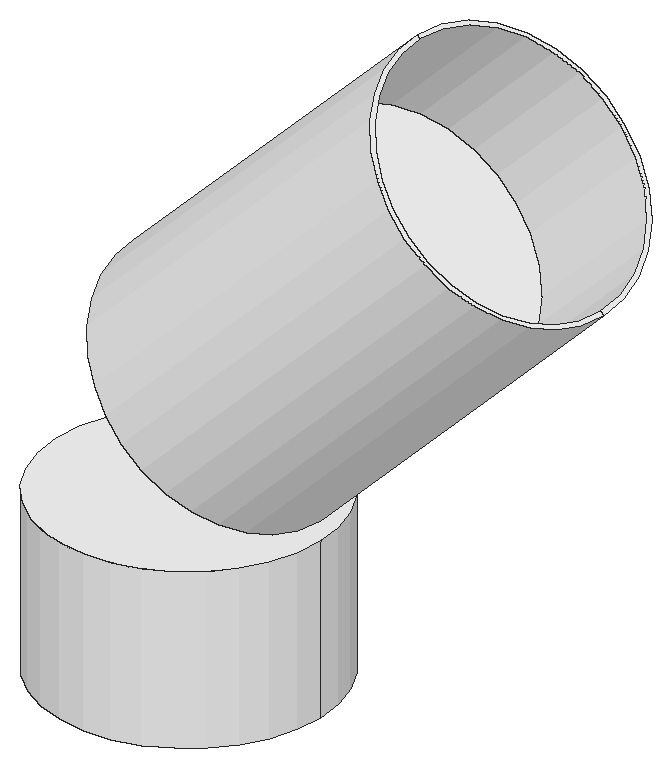
Revit family "Lighting-Adjustable-Lucifer-Micro-Cylinder", category Lighting Fixtures, host Face, Revit 2015
Parameters (values of type "CY1-AD")
  Wattage Comments = ""
  Voltage = 120 V
  Power Factor = 1
  Photometric Web File = "generic"
  Number of Poles = 1
  built-in parameter 1150142 = (empty or 0)
  Length = 3 205/256"
  Lamp = ""
  Fixture Radius = 1 1/4"
  Finish = Metal - Finish
  Emergency Fixture = yes
  Wattage = 26 W
  built-in parameter 1150110 = 1 (stored number, unit not read)
  URL = "http://luciferlighting.com/"
  built-in parameter 1114217 = 1 (stored number, unit not read)
  Tilt Angle = 90.00°
  built-in parameter 1150109 = 1 (stored number, unit not read)
  built-in parameter 1150134 = 3
  built-in parameter 1150113 = 1 (stored number, unit not read)
  Model = "CY1-AD"
  Manufacturer = "Lucifer Lighting"
  built-in parameter 1150105 = 62.07 (stored number, unit not read)
  Lumens = 780 lm
  built-in parameter 1150115 = 1 (stored number, unit not read)
  built-in parameter 1150137 = (empty or 0)
  built-in parameter 1150139 = (empty or 0)
  built-in parameter 1150112 = 1 (stored number, unit not read)
  built-in parameter 1150114 = 1 (stored number, unit not read)
  Keynote = ""
  built-in parameter 1150132 = (empty or 0)
  built-in parameter 1150102 = (empty or 0)
  built-in parameter 1150107 = 3200 (stored number, unit not read)
  built-in parameter 1150138 = (empty or 0)
  built-in parameter 1150106 = 0.6207 (stored number, unit not read)
  Emit from Circle Diameter = Fixture Radius * 2  # 2 1/2"
  Emit Shape Visible in Rendering = no
  built-in parameter 1150104 = 2.7871 (stored number, unit not read)
  Dimming Lamp Color Temperature Shift = <None>
  Description = "Micro-Cylinder Luminare"
  Default Elevation = 2"
  Color Filter = 16777215
  built-in parameter 1114218 = 1 (stored number, unit not read)
  built-in parameter 1150133 = 10 (stored number, unit not read)
  Assembly Code = ""
  Apparent Load = 0 VA
Types (4): name | Length | Fixture Radius | Model | Emit from Circle Diameter
  (no name) | 3 205/256" | 1 1/4" | "CY1-AD" | 2 1/2"
  CY1-AD | 3 205/256" | 1 1/4" | "CY1-AD" | 2 1/2"
  CY2-AD | 4 115/128" | 1 143/256" | "CY2-AD" | 3 15/128"
  CY3-AD | 5 51/256" | 1 159/256" | "CY3-AD" | 3 31/128"
Reference planes (in)
  plane 1 "Center (Front/Back)": y = 0
  plane 2: z = 0
  plane 3 "Center (Left/Right)": x = 0
  plane 4 "Lamp": x = 0
  plane 5: z = 5.6
  plane 6: through (2.21399, -180, 5.65582) normal (-0.7071, 0, 0.7071)
Forms (in)
  Extrusion 1, solid, material "Metal - Finish" <- "Finish"
    sketch origin (-1.25, 0, 0) x (1, 0, 0) y (0, 1, 0)
      loop
        circle (0, 0) r 1.25
    from 0 to 1.5
  Revolve 2, solid, material "Metal - Finish"
    sketch origin (-0.88388, 0, 0.88388) x (1, 0, 0) y (0, 0, 1)
      loop
        line (0.88388, 0.79018) -> (3.57144, 3.47774) -> (3.54508, 3.5041) -> (2.54221, 2.50122) -> (1.68468, 3.35875) -> (0, 1.67406) -> (0.88388, 0.79018)
      axis (0, 1.67406) -> (2.68756, 4.36162)
    angle from 0 to 360
Dimensions and locks (in)
  "Length": Revolve 2 sketch curve to Revolve 2 sketch curve
  locked: Revolve 2 sketch curve to Revolve 2 sketch curve at 0.03728
  locked: Revolve 2 sketch curve to Revolve 2 sketch curve at 1.41828
  "Fixture Radius": Revolve 2 sketch curve to Revolve 2 sketch curve
  locked: Revolve 2 sketch curve to level at 1.67406
  aligned and locked: plane 2 to host face
  aligned and locked: level to host face
  aligned and locked: imposter light to plane 6
  aligned and locked: imposter light to plane 1 "Center (Front/Back)"
  aligned and locked: imposter light to Revolve 2
Automatic sketch dimensions
  host sketch curve to host sketch curve = 0.17936"
  host sketch curve to host sketch curve = 0.2054"
  plane 1 "Center (Front/Back)" to Extrusion 1 sketch curve = 0"
  Extrusion 1 sketch curve to plane 3 "Center (Left/Right)" = 1 1/4"
  plane 6 to Revolve 2 sketch curve = 0"  (x4)
  level to Revolve 2 sketch curve = 1.22936"
  plane 5 to Revolve 2 sketch curve = 1.90769"
  radius of Extrusion 1 sketch curve = 1 1/4"
Connectors (in)
  electrical at (-1.25, 0, 0), driven by "Number of Poles", driven by "Voltage", driven by "Apparent Load", driven by "Power Factor"
    settings: on Extrusion 1, index 1, voltage 120 V, apparent load 0 VA, apparent load phase1 0 VA, apparent load phase2 0 VA, apparent load phase3 0 VA, power factor 1, load classification "Other", number of poles 1, system type 31, power factor state 1, is connector primary yes, connector utility no, sub classification motor no, connector description "Power"
